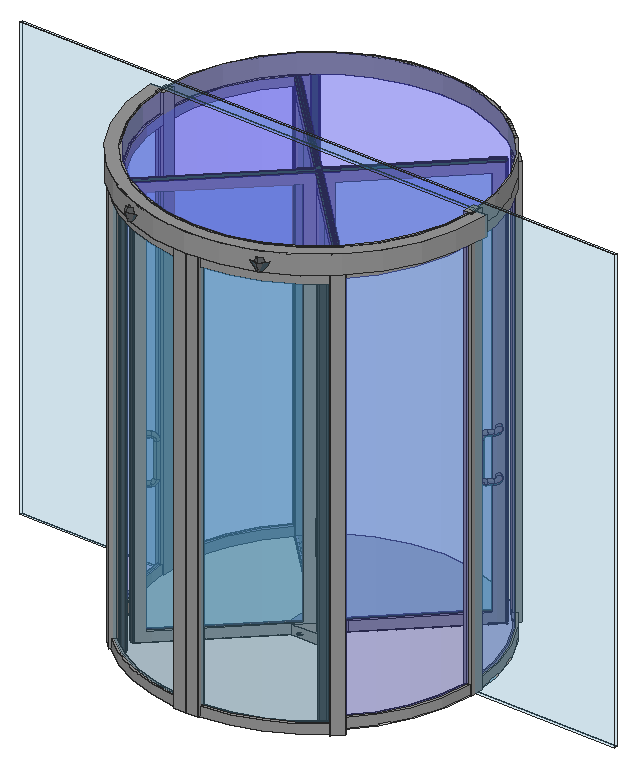
Revit family "Talos RDR-S01", category Türen, Revit 2016
Family settings
  OmniClass-Nummer = 23.30.10.00
  OmniClass-Titel = Doors
  Immer vertikal = Ja
  Beim Laden mit Abzugskörper schneiden = Nein
  Gemeinsam genutzt = Nein
  Raumberechnungspunkt = Nein
Parameters (values of type "RDR-S01 2000h")
  Youtube clip = ""
  Width = 2100.00 mm
  Weight = 0.00 kg
  Uniformat II Description = ""
  Uniformat II Code = ""
  Uniclass 2015 Name = ""
  Uniclass 2015 Code = ""
  Uniclass 2.0 Description = ""
  Uniclass 2.0 Code = ""
  Uniclass 1.4 Description = ""
  Uniclass 1.4 Code = ""
  URL = "http://www.kaba.com/physical-access-systems/en/solutions/92272/revolving-doors-and-circular-sliding-doors.html"
  UNSPSC Code = ""
  Type Comments = ""
  Type = "Talos RDR-S01"
  Technical description = "http://www.kaba.com/physical-access-systems/media/867246/v7/File/product-brochure-talos-rdr-and-csd.pdf"
  StandardUsed = "23"
  ShutOffDeviceInside = and(not(HasLockInside), HasIntegralShutOffDevice)  # no
  ShutOffDevice = and(not(HasLock), HasIntegralShutOffDevice)  # no
  SectionWidth = 4300.00 mm
  RubberMaterial = Zellkautschuk - EPDM
  RotationInterval 180 = yes
  RotationInterval 120 = not(RotationInterval 180)  # no
  Product certification = ""
  Product SKU = "Talos_RDR-S01"
  Product Guid = "c2597803-4e53-4645-9ceb-72f15c2d1ad1"
  OmniClass Description = ""
  OmniClass Code = ""
  Nominal width = 0
  Nominal height = 2230
  NBS Reference Description = ""
  NBS Reference Code = ""
  MotionSensorOutside = if(HasLock, DiameterCoverFront - 18.00 mm, Diameter)  # 1060.00 mm
  MotionSensorInside = if(HasLockInside, DiameterCoverFront - 18.00 mm, Diameter)  # 1122.00 mm
  Power = ""
  OuterDiameter = "2100 mm"
  OperatingWeight = 0.00 kg
  MotorDriveType = "-"
  Modell = "Talos RDR-E01"
  Material secondary = "Metal"
  Material main = "Glass"
  Masterformat 2014 Description = ""
  Masterformat 2014 Code = ""
  Manufacturer_2 = "Kaba GmbH"
  Manufacturer name = "DORMA"
  Manufacturer country = "Germany"
  Installation instructions = ""
  IFC Classification = ""
  Edition number = 1
  EAN code = ""
  Design country = "Germany"
  Konstruktionstyp = "Revolving Door"
  Hersteller = "Kaba GmbH"
  Height = ClearHeight + 130.00 mm  # 2930.00 mm
  HasShellTopFrame = yes
  HasMotionSensor = yes
  HasLockInside = yes
  HasLock = no
  HasIntegralShutOffDevice = no
  HasGrabHandles 180 = and(HasGrabHandles, RotationInterval 180)  # yes
  HasGrabHandles 120 = and(HasGrabHandles, RotationInterval 120)  # no
  HasGrabHandles = yes
  HasCover = yes
  HasConsoleS2 = no
  HasConsoleS1 = no
  HandlePosition = 35.00 mm  # constant formula
  HandleMaterial = PA6.6 Gf30(schwarz)
  Funktion = Außen
  FrameMaterial = 1.4401 - A4
  ExpectedLife = ""
  ElementWeight = 0.00 kg
  DoorWidth = AccessLengthOrRadius - 60.00 mm  # 970.00 mm
  Dicke = 63.00 mm
  DiameterNightLockGlassOutside = Diameter + 49.00 mm  # 1109.00 mm
  DiameterNightLockGlassInside = Diameter + 41.00 mm  # 1101.00 mm
  DiameterNightLockFrame = Diameter + 21.00 mm  # 1081.00 mm
  DiameterNightLockCover = Diameter + 60.00 mm  # 1120.00 mm
  DiameterNightLock = Diameter + 30.00 mm  # 1090.00 mm
  DiameterGlassInside = (Width / 2) - 10.00 mm  # 1040.00 mm
  DiameterGlassOutside = (Width / 2)  # 1050.00 mm
  DiameterCoverFront = Diameter + 80.00 mm  # 1140.00 mm
  Diameter = (Width / 2) + 10.00 mm  # 1060.00 mm
  CoverWidth = Height - ClearHeight  # 130.00 mm
  CoverMaterial = Glas
  ConsoleType = console : Type 4
  ConsoleS2 = if(HasLock, DiameterNightLockFrame + 48.00 mm, DiameterNightLockFrame)  # 1081.00 mm
  ConsoleS1 = if(HasLockInside, DiameterNightLockFrame + 48.00 mm, DiameterNightLockFrame)  # 1129.00 mm
  Colour = ""
  ClearHeight = 2800.00 mm
  COBIe Type Category = ""
  BaseType = ">= 60 mm"
  Analytische Konstruktion = "<Keine Auswahl>"
  AccessLengthOrRadius = Diameter - 30.00 mm  # 1030.00 mm
Reference planes
  plane 1 "Mitte (Vorne/Hinten)": y = 0
  plane 2: z = 0
  plane 3 "Mitte (Links/Rechts)": x = 0.023
  plane 4 "Section L": x = -2017.477
  plane 5 "Section R": x = 2017.523
  plane 6 "Oberkante": z = 3000
  plane 7: z = 2930
  plane 8 "access height": z = 2800
  plane 9: x = -1049.977
  plane 10: x = 1050.023
  plane 11 "180-4": through (-2115.474, 2115.497, 800) normal (0.7071, 0.7071, 0)
  plane 12 "180-1": through (2115.52, 2115.497, 800) normal (0.7071, -0.7071, 0)
  plane 13 "180-2": through (2115.52, -2115.497, 800) normal (-0.7071, -0.7071, 0)
  plane 14 "180-3": through (-2115.474, -2115.497, 800) normal (-0.7071, 0.7071, 0)
  plane 15 "120-1": through (260.773, 2980.38, 800) normal (0.9962, -0.0872, 0)
  plane 16 "120-2": through (2450.733, -1716.005, 800) normal (-0.5736, -0.8192, 0)
  plane 17 "120-3": through (-2711.436, -1264.374, 800) normal (-0.4226, 0.9063, 0)
Forms (mm)
  Extrusion 1, solid
    sketch origin (0, 0, 0) x (1, 0, 0) y (0, 0, 1)
      loop
        line (-2017.477, 0) -> (-1049.977, 0) -> (-1049.977, 2930) -> (1050.023, 2930) -> (1050.023, 0) -> (2017.523, 0) -> (2017.523, 3000) -> (-2017.477, 3000) -> (-2017.477, 0)
    from -12 to 12
  Extrusion 2, solid, material "Glas" <- "CoverMaterial"
    sketch origin (100, 0, 0) x (1, 0, 0) y (0, 1, 0)
      loop
        arc (-842.439, 742.462) -> (-1061.718, 421.372) -> (-1149.116, 42.5) r 1050
        line (-1149.116, 42.5) -> (-1139.108, 42.5)
        arc (-1139.108, 42.5) -> (-1052.477, 417.544) -> (-835.368, 735.391) r 1040
        line (-835.368, 735.391) -> (-842.439, 742.462)
      loop
        line (-842.439, -742.462) -> (-835.368, -735.391)
        arc (-835.368, -735.391) -> (-1052.477, -417.544) -> (-1139.108, -42.5) r 1040
        line (-1139.108, -42.5) -> (-1149.116, -42.5)
        arc (-1149.116, -42.5) -> (-1061.718, -421.372) -> (-842.439, -742.462) r 1050
    from 63 to 2800 <- "ClearHeight"
  Extrusion 3, solid, material "1.4401 - A4" <- "FrameMaterial", visible <- "RotationInterval 180"
    sketch origin (100, 0, 0) x (1, 0, 0) y (0, 1, 0)
      loop
        line (-220.977, -121) -> (21.023, -121) -> (21.023, 121) -> (-220.977, 121) -> (-220.977, -121)
    from 0 to 63
  Extrusion 4, solid, material "Glas"
    sketch origin (0, 0, 0) x (1, 0, 0) y (0, 1, 0)
      loop
        circle (0.023, 0) r 1060
    from 2800 <- "ClearHeight" to 2792
  Extrusion 5, solid, material "1.4401 - A4" <- "FrameMaterial", visible <- "RotationInterval 120"
    sketch origin (50.012, 86.583, 0) x (0.5, 0.866025, 0) y (-0.866025, 0.5, 0)
      loop
        line (82.191, 84.946) -> (-264.626, 115.289) -> (-117.495, -200.235) -> (82.191, 84.946)
    from 0 to 63
  Extrusion 6, solid, material "Glas" <- "CoverMaterial"
    sketch origin (265.046, 0, 0) x (-1, 0, 0) y (0, -1, 0)
      loop
        line (-477.439, -742.462) -> (-470.368, -735.391)
        arc (-470.368, -735.391) -> (-687.477, -417.544) -> (-774.108, -42.5) r 1040
        line (-774.108, -42.5) -> (-784.116, -42.5)
        arc (-784.116, -42.5) -> (-696.718, -421.372) -> (-477.439, -742.462) r 1050
      loop
        arc (-477.439, 742.462) -> (-696.718, 421.372) -> (-784.116, 42.5) r 1050
        line (-784.116, 42.5) -> (-774.108, 42.5)
        arc (-774.108, 42.5) -> (-687.477, 417.544) -> (-470.368, 735.391) r 1040
        line (-470.368, 735.391) -> (-477.439, 742.462)
    from 63 to 2800 <- "ClearHeight"
  Extrusion 7, solid
    sketch origin (28.5, -238.964, 0) x (1, 0, 0) y (0, 1, 0)
      loop
        line (-1098.477, 196.464) -> (-1049.977, 196.464) -> (-1049.977, 281.464) -> (-1098.477, 281.464) -> (-1098.477, 196.464)
    from 0 to 2930
  Extrusion 8, solid
    sketch origin (-182.5, 0, 0) x (1, 0, 0) y (0, 1, 0)
      loop
        line (-545.797, 728.32) -> (-567.01, 749.533)
        arc (-567.01, 749.533) -> (-788.459, 425.199) -> (-876.625, 42.5) r 1060
        line (-876.625, 42.5) -> (-846.6, 42.5)
        arc (-846.6, 42.5) -> (-760.736, 413.717) -> (-545.797, 728.32) r 1030
      loop
        line (-567.01, -749.533) -> (-545.797, -728.32)
        arc (-545.797, -728.32) -> (-761.735, -411.433) -> (-846.793, -37.52) r 1030
        line (-846.793, -37.52) -> (-876.813, -37.52)
        arc (-876.813, -37.52) -> (-789.456, -422.915) -> (-567.01, -749.533) r 1060
      loop
        line (910.843, -728.32) -> (932.056, -749.533)
        arc (932.056, -749.533) -> (1153.505, -425.199) -> (1241.671, -42.5) r 1060
        line (1241.671, -42.5) -> (1211.646, -42.5)
        arc (1211.646, -42.5) -> (1125.783, -413.717) -> (910.843, -728.32) r 1030
      loop
        line (932.056, 749.533) -> (910.843, 728.32)
        arc (910.843, 728.32) -> (1125.783, 413.717) -> (1211.646, 42.5) r 1030
        line (1211.646, 42.5) -> (1241.671, 42.5)
        arc (1241.671, 42.5) -> (1153.505, 425.199) -> (932.056, 749.533) r 1060
    from 0 to 63
  Extrusion 9, solid, visible <- "RotationInterval 180"
    sketch origin (0.012, 0.012, 0) x (-0.707107, 0.707107, 0) y (0, 0, 1)
      loop
        line (989.984, 2800) -> (19.984, 2800) -> (19.984, 0) -> (989.984, 0) -> (989.984, 2800)
      loop
        line (926.984, 2737) -> (82.984, 2737) -> (82.984, 63) -> (926.984, 63) -> (926.984, 2737)
    from -20 to 20
  Extrusion 10, solid, visible <- "RotationInterval 180"
    sketch origin (2115.52, -2115.497, 800) x (0.707107, -0.707107, 0) y (0, 0, 1)
      loop
        line (-2001.764, 2000) -> (-2971.764, 2000) -> (-2971.764, -800) -> (-2001.764, -800) -> (-2001.764, 2000)
      loop
        line (-2064.764, 1937) -> (-2908.764, 1937) -> (-2908.764, -737) -> (-2064.764, -737) -> (-2064.764, 1937)
    from -20 to 20
  Extrusion 11, solid, visible <- "RotationInterval 180"
    sketch origin (0.012, 0.012, 0) x (-0.707107, 0.707107, 0) y (0, 0, 1)
      loop
        line (926.984, 2737) -> (82.984, 2737) -> (82.984, 63) -> (926.984, 63) -> (926.984, 2737)
    from 3 to 10
  Extrusion 12, solid, visible <- "RotationInterval 180"
    sketch origin (0.012, 0.012, 0) x (-0.707107, 0.707107, 0) y (0, 0, 1)
      loop
        line (926.984, 2737) -> (82.984, 2737) -> (82.984, 63) -> (926.984, 63) -> (926.984, 2737)
    from -10 to -3
  Extrusion 13, solid, visible <- "RotationInterval 180"
    sketch origin (2115.52, -2115.497, 800) x (0.707107, -0.707107, 0) y (0, 0, 1)
      loop
        line (-2064.764, 1937) -> (-2908.764, 1937) -> (-2908.764, -737) -> (-2064.764, -737) -> (-2064.764, 1937)
    from 3 to 10
  Extrusion 14, solid, visible <- "RotationInterval 180"
    sketch origin (2115.52, -2115.497, 800) x (0.707107, -0.707107, 0) y (0, 0, 1)
      loop
        line (-2064.764, 1937) -> (-2908.764, 1937) -> (-2908.764, -737) -> (-2064.764, -737) -> (-2064.764, 1937)
    from -10 to -3
  Extrusion 15, solid, visible <- "RotationInterval 180"
    sketch origin (0.012, -0.012, 0) x (0.707107, 0.707107, 0) y (0, 0, 1)
      loop
        line (990.016, 2800) -> (20.016, 2800) -> (20.016, 0) -> (990.016, 0) -> (990.016, 2800)
      loop
        line (927.016, 2737) -> (83.016, 2737) -> (83.016, 63) -> (927.016, 63) -> (927.016, 2737)
    from -20 to 20
  Extrusion 16, solid, visible <- "RotationInterval 180"
    sketch origin (0.012, -0.012, 0) x (0.707107, 0.707107, 0) y (0, 0, 1)
      loop
        line (927.016, 2737) -> (83.016, 2737) -> (83.016, 63) -> (927.016, 63) -> (927.016, 2737)
    from 3 to 10
  Extrusion 17, solid, visible <- "RotationInterval 180"
    sketch origin (0.012, -0.012, 0) x (0.707107, 0.707107, 0) y (0, 0, 1)
      loop
        line (927.016, 2737) -> (83.016, 2737) -> (83.016, 63) -> (927.016, 63) -> (927.016, 2737)
    from -10 to -3
  Extrusion 18, solid, visible <- "RotationInterval 180"
    sketch origin (0.012, -0.012, 0) x (-0.707107, -0.707107, 0) y (0, 0, 1)
      loop
        line (989.984, 2800) -> (19.984, 2800) -> (19.984, 0) -> (989.984, 0) -> (989.984, 2800)
      loop
        line (926.984, 2737) -> (82.984, 2737) -> (82.984, 63) -> (926.984, 63) -> (926.984, 2737)
    from -20 to 20
  Extrusion 19, solid, visible <- "RotationInterval 180"
    sketch origin (0.012, -0.012, 0) x (-0.707107, -0.707107, 0) y (0, 0, 1)
      loop
        line (926.984, 2737) -> (82.984, 2737) -> (82.984, 63) -> (926.984, 63) -> (926.984, 2737)
    from 3 to 10
  Extrusion 20, solid, visible <- "RotationInterval 180"
    sketch origin (0.012, -0.012, 0) x (-0.707107, -0.707107, 0) y (0, 0, 1)
      loop
        line (926.984, 2737) -> (82.983, 2737) -> (82.983, 63) -> (926.984, 63) -> (926.984, 2737)
    from -10 to -3
  Extrusion 21, solid
    sketch origin (-28.454, -238.964, 0) x (-1, 0, 0) y (0, -1, 0)
      loop
        line (-1098.477, -196.464) -> (-1098.477, -281.464) -> (-1049.977, -281.464) -> (-1049.977, -196.464) -> (-1098.477, -196.464)
    from 0 to 2930
  Extrusion 22, solid
    sketch origin (-148.814, -189.109, 0) x (0.707107, -0.707107, 0) y (0.707107, 0.707107, 0)
      loop
        line (-1106.977, 218.964) -> (-1058.477, 218.964) -> (-1058.477, 303.964) -> (-1106.977, 303.964) -> (-1106.977, 218.964)
    from 0 to 2800
  Extrusion 23, solid
    sketch origin (148.86, -189.109, 0) x (-0.707107, -0.707107, 0) y (0.707107, -0.707107, 0)
      loop
        line (-1106.977, -218.964) -> (-1106.977, -303.964) -> (-1058.477, -303.964) -> (-1058.477, -218.964) -> (-1106.977, -218.964)
    from 0 to 2800
  Extrusion 24, solid
    sketch origin (-148.814, 189.109, 0) x (0.707107, 0.707107, 0) y (-0.707107, 0.707107, 0)
      loop
        line (-1106.977, -218.964) -> (-1106.977, -303.964) -> (-1058.477, -303.964) -> (-1058.477, -218.964) -> (-1106.977, -218.964)
    from 0 to 2800
  Extrusion 25, solid
    sketch origin (148.86, 189.109, 0) x (-0.707107, 0.707107, 0) y (-0.707107, -0.707107, 0)
      loop
        line (-1106.977, 218.964) -> (-1058.477, 218.964) -> (-1058.477, 303.964) -> (-1106.977, 303.964) -> (-1106.977, 218.964)
    from 0 to 2800
  Extrusion 26, solid, visible <- "RotationInterval 120"
    sketch origin (12.842, 146.516, 0) x (0.087156, 0.996195, 0) y (0, 0, 1)
      loop
        line (842.924, 2800) -> (-127.076, 2800) -> (-127.076, 0) -> (842.924, 0) -> (842.924, 2800)
      loop
        line (779.924, 2737) -> (-64.076, 2737) -> (-64.076, 63) -> (779.924, 63) -> (779.924, 2737)
    from -20 to 20
  Extrusion 27, solid, visible <- "RotationInterval 120"
    sketch origin (0.023, -0.002, 0) x (0.087156, 0.996195, 0) y (0, 0, 1)
      loop
        line (927.002, 2737) -> (83.002, 2737) -> (83.002, 63) -> (927.002, 63) -> (927.002, 2737)
    from 3 to 10
  Extrusion 28, solid, visible <- "RotationInterval 120"
    sketch origin (0.023, -0.002, 0) x (0.087156, 0.996195, 0) y (0, 0, 1)
      loop
        line (927.002, 2737) -> (83.002, 2737) -> (83.002, 63) -> (927.002, 63) -> (927.002, 2737)
    from -10 to -3
  Extrusion 29, solid, visible <- "RotationInterval 120"
    sketch origin (215.7, -151.019, 0) x (0.819152, -0.573576, 0) y (0, 0, 1)
      loop
        line (726.707, 2800) -> (-243.293, 2800) -> (-243.293, 0) -> (726.707, 0) -> (726.707, 2800)
      loop
        line (663.707, 2737) -> (-180.293, 2737) -> (-180.293, 63) -> (663.707, 63) -> (663.707, 2737)
    from -20 to 20
  Extrusion 30, solid, visible <- "RotationInterval 120"
    sketch origin (0.008, 0.011, 0) x (0.819152, -0.573576, 0) y (0, 0, 1)
      loop
        line (927.019, 2737) -> (83.019, 2737) -> (83.019, 63) -> (927.019, 63) -> (927.019, 2737)
    from 3 to 10
  Extrusion 31, solid, visible <- "RotationInterval 120"
    sketch origin (0.008, 0.011, 0) x (0.819152, -0.573576, 0) y (0, 0, 1)
      loop
        line (927.019, 2737) -> (83.019, 2737) -> (83.019, 63) -> (927.019, 63) -> (927.019, 2737)
    from -10 to -3
  Extrusion 32, solid, visible <- "RotationInterval 120"
    sketch origin (-256.764, -119.742, 0) x (-0.906308, -0.422618, 0) y (0, 0, 1)
      loop
        line (706.667, 2800) -> (-263.333, 2800) -> (-263.333, 0) -> (706.667, 0) -> (706.667, 2800)
      loop
        line (643.667, 2737) -> (-200.333, 2737) -> (-200.333, 63) -> (643.667, 63) -> (643.667, 2737)
    from -20 to 20
  Extrusion 33, solid, visible <- "RotationInterval 120"
    sketch origin (0.004, -0.009, 0) x (-0.906308, -0.422618, 0) y (0, 0, 1)
      loop
        line (926.979, 2737) -> (82.979, 2737) -> (82.979, 63) -> (926.979, 63) -> (926.979, 2737)
    from 3 to 10
  Extrusion 34, solid, visible <- "RotationInterval 120"
    sketch origin (0.004, -0.009, 0) x (-0.906308, -0.422618, 0) y (0, 0, 1)
      loop
        line (926.979, 2737) -> (82.979, 2737) -> (82.979, 63) -> (926.979, 63) -> (926.979, 2737)
    from -10 to -3
  Extrusion 35, solid, visible <- "HasLock"
    sketch origin (0, 0, 0) x (1, 0, 0) y (0, 1, 0)
      loop
        line (1060.023, 0) -> (1140.023, 0)
        arc (1140.023, 0) -> (0.023, 1140) -> (-1139.977, 0) r 1140
        line (-1139.977, 0) -> (-1059.977, 0)
        arc (-1059.977, 0) -> (0.023, 1060) -> (1060.023, 0) r 1060
    from 2800 to 2930
  Sweep 36, solid, visible <- "RotationInterval 180"
    path in 3D
      loop
        line (0.023, -28.284, 2800) -> (-685.87, -714.178, 2800) -> (-685.87, -714.178, 0) -> (0.023, -28.284, 0)
    profile "brush profile : brush profile" origin (-342.924, -371.231, 2800) x (0.707107, -0.707107, 0) y (0, 0, 1)
      loop
        arc (-2.734, 0) -> (-0.471, 1.408) -> (-0.734, 4.06) r 2.523
        line (-0.734, 4.06) -> (-11.23, 14.434)
        arc (-11.23, 14.434) -> (-11.95, 14.806) -> (-12.751, 14.931) r 2.53
        line (-12.751, 14.931) -> (-15.672, 14.914)
        arc (-15.672, 14.914) -> (-16.987, 14.367) -> (-17.598, 13.081) r 1.987
        line (-17.598, 13.081) -> (-18.301, 4) -> (-21.699, 4) -> (-22.402, 13.081)
        arc (-22.402, 13.081) -> (-23.013, 14.367) -> (-24.328, 14.914) r 1.987
        line (-24.328, 14.914) -> (-27.249, 14.931)
        arc (-27.249, 14.931) -> (-28.05, 14.806) -> (-28.77, 14.434) r 2.53
        line (-28.77, 14.434) -> (-39.266, 4.06)
        arc (-39.266, 4.06) -> (-39.529, 1.408) -> (-37.266, 0) r 2.523
        line (-37.266, 0) -> (-2.734, 0)
  Sweep 37, solid, visible <- "RotationInterval 180"
    path in 3D
      loop
        line (0.023, -28.284, 0) -> (685.917, -714.178, 0) -> (685.917, -714.178, 2800) -> (0.023, -28.284, 2800)
    profile "brush profile : brush profile" origin (342.97, -371.231, 2800) x (-0.707107, -0.707107, 0) y (0, 0, 1)
      loop
        arc (-2.734, 0) -> (-0.471, 1.408) -> (-0.734, 4.06) r 2.523
        line (-0.734, 4.06) -> (-11.23, 14.434)
        arc (-11.23, 14.434) -> (-11.95, 14.806) -> (-12.751, 14.931) r 2.53
        line (-12.751, 14.931) -> (-15.672, 14.914)
        arc (-15.672, 14.914) -> (-16.987, 14.367) -> (-17.598, 13.081) r 1.987
        line (-17.598, 13.081) -> (-18.301, 4) -> (-21.699, 4) -> (-22.402, 13.081)
        arc (-22.402, 13.081) -> (-23.013, 14.367) -> (-24.328, 14.914) r 1.987
        line (-24.328, 14.914) -> (-27.249, 14.931)
        arc (-27.249, 14.931) -> (-28.05, 14.806) -> (-28.77, 14.434) r 2.53
        line (-28.77, 14.434) -> (-39.266, 4.06)
        arc (-39.266, 4.06) -> (-39.529, 1.408) -> (-37.266, 0) r 2.523
        line (-37.266, 0) -> (-2.734, 0)
  Sweep 38, solid, visible <- "RotationInterval 120"
    path in 3D
      loop
        line (27.878, 4.912, 2800) -> (822.455, -551.458, 2800) -> (822.455, -551.458, 0) -> (27.878, 4.912, 0)
    profile "brush profile : brush profile" origin (425.166, -273.273, 2800) x (0.573576, 0.819152, 0) y (0, 0, 1)
      loop
        arc (-2.734, 0) -> (-0.471, 1.408) -> (-0.734, 4.06) r 2.523
        line (-0.734, 4.06) -> (-11.23, 14.434)
        arc (-11.23, 14.434) -> (-11.95, 14.806) -> (-12.751, 14.931) r 2.53
        line (-12.751, 14.931) -> (-15.672, 14.914)
        arc (-15.672, 14.914) -> (-16.987, 14.367) -> (-17.598, 13.081) r 1.987
        line (-17.598, 13.081) -> (-18.301, 4) -> (-21.699, 4) -> (-22.402, 13.081)
        arc (-22.402, 13.081) -> (-23.013, 14.367) -> (-24.328, 14.914) r 1.987
        line (-24.328, 14.914) -> (-27.249, 14.931)
        arc (-27.249, 14.931) -> (-28.05, 14.806) -> (-28.77, 14.434) r 2.53
        line (-28.77, 14.434) -> (-39.266, 4.06)
        arc (-39.266, 4.06) -> (-39.529, 1.408) -> (-37.266, 0) r 2.523
        line (-37.266, 0) -> (-2.734, 0)
  Sweep 39, solid, visible <- "RotationInterval 180"
    path in 3D
      loop
        line (28.307, 0, 0) -> (714.201, 685.894, 0) -> (714.201, 685.894, 2800) -> (28.307, 0, 2800)
    profile "brush profile : brush profile" origin (371.254, 342.947, 2800) x (0.707107, -0.707107, 0) y (0, 0, 1)
      loop
        arc (-2.734, 0) -> (-0.471, 1.408) -> (-0.734, 4.06) r 2.523
        line (-0.734, 4.06) -> (-11.23, 14.434)
        arc (-11.23, 14.434) -> (-11.95, 14.806) -> (-12.751, 14.931) r 2.53
        line (-12.751, 14.931) -> (-15.672, 14.914)
        arc (-15.672, 14.914) -> (-16.987, 14.367) -> (-17.598, 13.081) r 1.987
        line (-17.598, 13.081) -> (-18.301, 4) -> (-21.699, 4) -> (-22.402, 13.081)
        arc (-22.402, 13.081) -> (-23.013, 14.367) -> (-24.328, 14.914) r 1.987
        line (-24.328, 14.914) -> (-27.249, 14.931)
        arc (-27.249, 14.931) -> (-28.05, 14.806) -> (-28.77, 14.434) r 2.53
        line (-28.77, 14.434) -> (-39.266, 4.06)
        arc (-39.266, 4.06) -> (-39.529, 1.408) -> (-37.266, 0) r 2.523
        line (-37.266, 0) -> (-2.734, 0)
  Sweep 40, solid, visible <- "RotationInterval 120"
    path in 3D
      loop
        line (21.69, 18.181, 0) -> (106.231, 984.49, 0) -> (106.231, 984.49, 2800) -> (21.69, 18.181, 2800)
    profile "brush profile : brush profile" origin (63.961, 501.335, 2800) x (0.996195, -0.087156, 0) y (0, 0, 1)
      loop
        arc (-2.734, 0) -> (-0.471, 1.408) -> (-0.734, 4.06) r 2.523
        line (-0.734, 4.06) -> (-11.23, 14.434)
        arc (-11.23, 14.434) -> (-11.95, 14.806) -> (-12.751, 14.931) r 2.53
        line (-12.751, 14.931) -> (-15.672, 14.914)
        arc (-15.672, 14.914) -> (-16.987, 14.367) -> (-17.598, 13.081) r 1.987
        line (-17.598, 13.081) -> (-18.301, 4) -> (-21.699, 4) -> (-22.402, 13.081)
        arc (-22.402, 13.081) -> (-23.013, 14.367) -> (-24.328, 14.914) r 1.987
        line (-24.328, 14.914) -> (-27.249, 14.931)
        arc (-27.249, 14.931) -> (-28.05, 14.806) -> (-28.77, 14.434) r 2.53
        line (-28.77, 14.434) -> (-39.266, 4.06)
        arc (-39.266, 4.06) -> (-39.529, 1.408) -> (-37.266, 0) r 2.523
        line (-37.266, 0) -> (-2.734, 0)
  Sweep 41, solid, visible <- "RotationInterval 180"
    path in 3D
      loop
        line (0.023, 28.284, 0) -> (-685.87, 714.178, 0) -> (-685.87, 714.178, 2800) -> (0.023, 28.284, 2800)
    profile "brush profile : brush profile" origin (-342.924, 371.231, 2800) x (0.707107, 0.707107, 0) y (0, 0, 1)
      loop
        arc (-2.734, 0) -> (-0.471, 1.408) -> (-0.734, 4.06) r 2.523
        line (-0.734, 4.06) -> (-11.23, 14.434)
        arc (-11.23, 14.434) -> (-11.95, 14.806) -> (-12.751, 14.931) r 2.53
        line (-12.751, 14.931) -> (-15.672, 14.914)
        arc (-15.672, 14.914) -> (-16.987, 14.367) -> (-17.598, 13.081) r 1.987
        line (-17.598, 13.081) -> (-18.301, 4) -> (-21.699, 4) -> (-22.402, 13.081)
        arc (-22.402, 13.081) -> (-23.013, 14.367) -> (-24.328, 14.914) r 1.987
        line (-24.328, 14.914) -> (-27.249, 14.931)
        arc (-27.249, 14.931) -> (-28.05, 14.806) -> (-28.77, 14.434) r 2.53
        line (-28.77, 14.434) -> (-39.266, 4.06)
        arc (-39.266, 4.06) -> (-39.529, 1.408) -> (-37.266, 0) r 2.523
        line (-37.266, 0) -> (-2.734, 0)
  Sweep 42, solid, visible <- "RotationInterval 120"
    path in 3D
      loop
        line (-26.555, 9.674, 0) -> (-905.674, -400.266, 0) -> (-905.674, -400.266, 2800) -> (-26.555, 9.674, 2800)
    profile "brush profile : brush profile" origin (-466.115, -195.296, 2800) x (-0.422618, 0.906308, 0) y (0, 0, 1)
      loop
        arc (-2.734, 0) -> (-0.471, 1.408) -> (-0.734, 4.06) r 2.523
        line (-0.734, 4.06) -> (-11.23, 14.434)
        arc (-11.23, 14.434) -> (-11.95, 14.806) -> (-12.751, 14.931) r 2.53
        line (-12.751, 14.931) -> (-15.672, 14.914)
        arc (-15.672, 14.914) -> (-16.987, 14.367) -> (-17.598, 13.081) r 1.987
        line (-17.598, 13.081) -> (-18.301, 4) -> (-21.699, 4) -> (-22.402, 13.081)
        arc (-22.402, 13.081) -> (-23.013, 14.367) -> (-24.328, 14.914) r 1.987
        line (-24.328, 14.914) -> (-27.249, 14.931)
        arc (-27.249, 14.931) -> (-28.05, 14.806) -> (-28.77, 14.434) r 2.53
        line (-28.77, 14.434) -> (-39.266, 4.06)
        arc (-39.266, 4.06) -> (-39.529, 1.408) -> (-37.266, 0) r 2.523
        line (-37.266, 0) -> (-2.734, 0)
  Extrusion 43, solid, material "PVC-Hart"
    sketch origin (0, 0, 0) x (1, 0, 0) y (0, 1, 0)
      loop
        circle (0.023, 0) r 1060
    from -8 to 1
  Extrusion 44, solid, visible <- "HasLockInside"
    sketch origin (0, 0, 0) x (1, 0, 0) y (0, 1, 0)
      loop
        arc (1060.023, 0) -> (0.023, -1060) -> (-1059.977, 0) r 1060
        line (-1059.977, 0) -> (-1139.977, 0)
        arc (-1139.977, 0) -> (0.023, -1140) -> (1140.023, 0) r 1140
        line (1140.023, 0) -> (1060.023, 0)
    from 2800 to 2930
  Extrusion 45, solid, visible <- "HasLockInside"
    sketch origin (238.987, 28.477, 0) x (0, 1, 0) y (-1, 0, 0)
      loop
        arc (-1157.977, 240.764) -> (-1157.45, 239.491) -> (-1156.177, 238.964) r 1.8
        line (-1156.177, 238.964) -> (-1111.477, 238.964)
        arc (-1111.477, 238.964) -> (-1110.063, 239.55) -> (-1109.477, 240.964) r 2
        line (-1109.477, 240.964) -> (-1109.477, 321.964)
        arc (-1109.477, 321.964) -> (-1110.063, 323.378) -> (-1111.477, 323.964) r 2
        line (-1111.477, 323.964) -> (-1156.177, 323.964)
        arc (-1156.177, 323.964) -> (-1157.45, 323.437) -> (-1157.977, 322.164) r 1.8
        line (-1157.977, 322.164) -> (-1157.977, 240.764)
    from 0 to 2800
  Extrusion 46, solid, visible <- "HasLockInside"
    sketch origin (-238.941, 28.477, 0) x (0, 1, 0) y (-1, 0, 0)
      loop
        line (-1157.977, -240.964) -> (-1157.977, -321.964)
        arc (-1157.977, -321.964) -> (-1157.391, -323.378) -> (-1155.977, -323.964) r 2
        line (-1155.977, -323.964) -> (-1111.477, -323.964)
        arc (-1111.477, -323.964) -> (-1110.063, -323.378) -> (-1109.477, -321.964) r 2
        line (-1109.477, -321.964) -> (-1109.477, -240.964)
        arc (-1109.477, -240.964) -> (-1110.063, -239.55) -> (-1111.477, -238.964) r 2
        line (-1111.477, -238.964) -> (-1155.977, -238.964)
        arc (-1155.977, -238.964) -> (-1157.391, -239.55) -> (-1157.977, -240.964) r 2
    from 0 to 2800
  Extrusion 47, solid, visible <- "HasLockInside"
    sketch origin (219.184, -178.889, 0) x (0.707107, 0.707107, 0) y (-0.707107, 0.707107, 0)
      loop
        arc (-1157.977, 218.464) -> (-1157.391, 217.05) -> (-1155.977, 216.464) r 2
        line (-1155.977, 216.464) -> (-1111.477, 216.464)
        arc (-1111.477, 216.464) -> (-1110.063, 217.05) -> (-1109.477, 218.464) r 2
        line (-1109.477, 218.464) -> (-1109.477, 299.464)
        arc (-1109.477, 299.464) -> (-1110.063, 300.878) -> (-1111.477, 301.464) r 2
        line (-1111.477, 301.464) -> (-1155.977, 301.464)
        arc (-1155.977, 301.464) -> (-1157.391, 300.878) -> (-1157.977, 299.464) r 2
        line (-1157.977, 299.464) -> (-1157.977, 218.464)
    from 0 to 2800
  Extrusion 48, solid, visible <- "HasLockInside"
    sketch origin (-219.138, -178.889, 0) x (-0.707107, 0.707107, 0) y (-0.707107, -0.707107, 0)
      loop
        line (-1157.977, -218.464) -> (-1157.977, -299.464)
        arc (-1157.977, -299.464) -> (-1157.391, -300.878) -> (-1155.977, -301.464) r 2
        line (-1155.977, -301.464) -> (-1111.477, -301.464)
        arc (-1111.477, -301.464) -> (-1110.063, -300.878) -> (-1109.477, -299.464) r 2
        line (-1109.477, -299.464) -> (-1109.477, -218.464)
        arc (-1109.477, -218.464) -> (-1110.063, -217.049) -> (-1111.477, -216.464) r 2
        line (-1111.477, -216.464) -> (-1155.977, -216.464)
        arc (-1155.977, -216.464) -> (-1157.391, -217.049) -> (-1157.977, -218.464) r 2
    from 0 to 2800
  Extrusion 49, solid, visible <- "HasLockInside"
    sketch origin (0, 0, 0) x (1, 0, 0) y (0, 1, 0)
      loop
        line (-723.39, -815.337) -> (-744.64, -836.587)
        arc (-744.64, -836.587) -> (-437.825, -1030.868) -> (-84.977, -1116.77) r 1120
        line (-84.977, -1116.77) -> (-84.977, -1086.681)
        arc (-84.977, -1086.681) -> (-426.345, -1003.15) -> (-723.39, -815.337) r 1090
    from 0 to 63
  Extrusion 50, solid, visible <- "HasLockInside"
    sketch origin (0, 0, 0) x (1, 0, 0) y (0, 1, 0)
      loop
        arc (-84.977, -1097.714) -> (-430.554, -1013.313) -> (-731.182, -823.129) r 1101
        line (-731.182, -823.129) -> (-736.848, -828.795)
        arc (-736.848, -828.795) -> (-433.615, -1020.705) -> (-84.977, -1105.738) r 1109
        line (-84.977, -1105.738) -> (-84.977, -1097.714)
    from 63 to 2737
  Extrusion 51, solid, visible <- "HasLockInside"
    sketch origin (0.046, 0, 0) x (-1, 0, 0) y (0, -1, 0)
      loop
        line (-84.977, 1097.714) -> (-84.977, 1105.738)
        arc (-84.977, 1105.738) -> (-433.615, 1020.705) -> (-736.848, 828.796) r 1109
        line (-736.848, 828.796) -> (-731.181, 823.129)
        arc (-731.181, 823.129) -> (-430.554, 1013.314) -> (-84.977, 1097.714) r 1101
    from 63 to 2737
  Extrusion 52, solid, visible <- "HasLockInside"
    sketch origin (0, 0, 0) x (1, 0, 0) y (0, 1, 0)
      loop
        line (85.023, -1086.681) -> (85.023, -1116.77)
        arc (85.023, -1116.77) -> (437.871, -1030.868) -> (744.686, -836.587) r 1120
        line (744.686, -836.587) -> (723.435, -815.337)
        arc (723.435, -815.337) -> (426.391, -1003.15) -> (85.023, -1086.681) r 1090
    from 0 to 63
  Extrusion 53, solid, visible <- "HasLockInside"
    sketch origin (0, 0, 0) x (1, 0, 0) y (0, 1, 0)
      loop
        line (85.023, -1086.681) -> (85.023, -1116.77)
        arc (85.023, -1116.77) -> (437.871, -1030.868) -> (744.686, -836.587) r 1120
        line (744.686, -836.587) -> (723.435, -815.337)
        arc (723.435, -815.337) -> (426.391, -1003.15) -> (85.023, -1086.681) r 1090
      loop
        arc (-744.64, -836.587) -> (-437.825, -1030.868) -> (-84.977, -1116.77) r 1120
        line (-84.977, -1116.77) -> (-84.977, -1086.681)
        arc (-84.977, -1086.681) -> (-426.345, -1003.15) -> (-723.39, -815.337) r 1090
        line (-723.39, -815.337) -> (-744.64, -836.587)
    from 2737 to 2800
  Extrusion 54, solid, visible <- "HasLock"
    sketch origin (238.987, -28.477, 0) x (0, -1, 0) y (1, 0, 0)
      loop
        line (-1157.977, -240.764) -> (-1157.977, -322.164)
        arc (-1157.977, -322.164) -> (-1157.45, -323.437) -> (-1156.177, -323.964) r 1.8
        line (-1156.177, -323.964) -> (-1111.477, -323.964)
        arc (-1111.477, -323.964) -> (-1110.063, -323.378) -> (-1109.477, -321.964) r 2
        line (-1109.477, -321.964) -> (-1109.477, -240.964)
        arc (-1109.477, -240.964) -> (-1110.063, -239.55) -> (-1111.477, -238.964) r 2
        line (-1111.477, -238.964) -> (-1156.177, -238.964)
        arc (-1156.177, -238.964) -> (-1157.45, -239.491) -> (-1157.977, -240.764) r 1.8
    from 0 to 2800
  Extrusion 55, solid, visible <- "HasLock"
    sketch origin (-238.941, -28.477, 0) x (0, -1, 0) y (1, 0, 0)
      loop
        arc (-1157.977, 240.964) -> (-1157.391, 239.55) -> (-1155.977, 238.964) r 2
        line (-1155.977, 238.964) -> (-1111.477, 238.964)
        arc (-1111.477, 238.964) -> (-1110.063, 239.55) -> (-1109.477, 240.964) r 2
        line (-1109.477, 240.964) -> (-1109.477, 321.964)
        arc (-1109.477, 321.964) -> (-1110.063, 323.379) -> (-1111.477, 323.964) r 2
        line (-1111.477, 323.964) -> (-1155.977, 323.964)
        arc (-1155.977, 323.964) -> (-1157.391, 323.379) -> (-1157.977, 321.964) r 2
        line (-1157.977, 321.964) -> (-1157.977, 240.964)
    from 0 to 2800
  Extrusion 56, solid, visible <- "HasLock"
    sketch origin (219.184, 178.889, 0) x (0.707107, -0.707107, 0) y (0.707107, 0.707107, 0)
      loop
        line (-1157.977, -218.464) -> (-1157.977, -299.464)
        arc (-1157.977, -299.464) -> (-1157.391, -300.879) -> (-1155.977, -301.464) r 2
        line (-1155.977, -301.464) -> (-1111.477, -301.464)
        arc (-1111.477, -301.464) -> (-1110.063, -300.879) -> (-1109.477, -299.464) r 2
        line (-1109.477, -299.464) -> (-1109.477, -218.464)
        arc (-1109.477, -218.464) -> (-1110.063, -217.05) -> (-1111.477, -216.464) r 2
        line (-1111.477, -216.464) -> (-1155.977, -216.464)
        arc (-1155.977, -216.464) -> (-1157.391, -217.05) -> (-1157.977, -218.464) r 2
    from 0 to 2800
  Extrusion 57, solid, visible <- "HasLock"
    sketch origin (-219.138, 178.889, 0) x (-0.707107, -0.707107, 0) y (0.707107, -0.707107, 0)
      loop
        arc (-1157.977, 218.464) -> (-1157.391, 217.05) -> (-1155.977, 216.464) r 2
        line (-1155.977, 216.464) -> (-1111.477, 216.464)
        arc (-1111.477, 216.464) -> (-1110.063, 217.05) -> (-1109.477, 218.464) r 2
        line (-1109.477, 218.464) -> (-1109.477, 299.464)
        arc (-1109.477, 299.464) -> (-1110.063, 300.878) -> (-1111.477, 301.464) r 2
        line (-1111.477, 301.464) -> (-1155.977, 301.464)
        arc (-1155.977, 301.464) -> (-1157.391, 300.878) -> (-1157.977, 299.464) r 2
        line (-1157.977, 299.464) -> (-1157.977, 218.464)
    from 0 to 2800
  Extrusion 58, solid, visible <- "HasLock"
    sketch origin (0, 0, 0) x (1, 0, 0) y (0, 1, 0)
      loop
        line (-84.977, 1097.714) -> (-84.977, 1105.738)
        arc (-84.977, 1105.738) -> (-433.616, 1020.705) -> (-736.848, 828.795) r 1109
        line (-736.848, 828.795) -> (-731.182, 823.128)
        arc (-731.182, 823.128) -> (-430.554, 1013.313) -> (-84.977, 1097.714) r 1101
    from 63 to 2737
  Extrusion 59, solid, visible <- "HasLock"
    sketch origin (0.046, 0, 0) x (-1, 0, 0) y (0, -1, 0)
      loop
        arc (-84.977, -1097.714) -> (-430.554, -1013.313) -> (-731.182, -823.129) r 1101
        line (-731.182, -823.129) -> (-736.848, -828.795)
        arc (-736.848, -828.795) -> (-433.615, -1020.705) -> (-84.977, -1105.738) r 1109
        line (-84.977, -1105.738) -> (-84.977, -1097.714)
    from 63 to 2737
  Extrusion 60, solid, visible <- "HasLock"
    sketch origin (0, 0, 0) x (1, 0, 0) y (0, 1, 0)
      loop
        arc (-84.977, 1116.77) -> (-437.825, 1030.868) -> (-744.64, 836.587) r 1120
        line (-744.64, 836.587) -> (-723.39, 815.337)
        arc (-723.39, 815.337) -> (-426.345, 1003.15) -> (-84.977, 1086.681) r 1090
        line (-84.977, 1086.681) -> (-84.977, 1116.77)
      loop
        line (723.436, 815.337) -> (744.686, 836.587)
        arc (744.686, 836.587) -> (437.871, 1030.868) -> (85.023, 1116.77) r 1120
        line (85.023, 1116.77) -> (85.023, 1086.681)
        arc (85.023, 1086.681) -> (426.391, 1003.15) -> (723.436, 815.337) r 1090
    from 0 to 63
  Extrusion 61, solid, visible <- "HasLock"
    sketch origin (0, 0, 0) x (1, 0, 0) y (0, 1, 0)
      loop
        arc (-84.977, 1116.77) -> (-437.825, 1030.868) -> (-744.64, 836.587) r 1120
        line (-744.64, 836.587) -> (-723.39, 815.337)
        arc (-723.39, 815.337) -> (-426.345, 1003.15) -> (-84.977, 1086.681) r 1090
        line (-84.977, 1086.681) -> (-84.977, 1116.77)
      loop
        line (723.436, 815.337) -> (744.686, 836.587)
        arc (744.686, 836.587) -> (437.871, 1030.868) -> (85.023, 1116.77) r 1120
        line (85.023, 1116.77) -> (85.023, 1086.681)
        arc (85.023, 1086.681) -> (426.391, 1003.15) -> (723.436, 815.337) r 1090
    from 2737 to 2800
  Extrusion 62, solid, visible <- "HasShellTopFrame"
    sketch origin (0, 0, 0) x (1, 0, 0) y (0, 1, 0)
      loop
        arc (-728.297, -728.32) -> (-1029.977, 0) -> (-728.297, 728.32) r 1030
        line (-728.297, 728.32) -> (-749.51, 749.533)
        arc (-749.51, 749.533) -> (-1059.977, 0) -> (-749.51, -749.533) r 1060
        line (-749.51, -749.533) -> (-728.297, -728.32)
      loop
        arc (728.343, 728.32) -> (1030.023, 0) -> (728.343, -728.32) r 1030
        line (728.343, -728.32) -> (749.556, -749.533)
        arc (749.556, -749.533) -> (1060.023, 0) -> (749.556, 749.533) r 1060
        line (749.556, 749.533) -> (728.343, 728.32)
    from 2737 to 2800
  Extrusion 63, solid, material "Glas"
    sketch origin (0, 0, 0) x (1, 0, 0) y (0, 1, 0)
      loop
        circle (0.023, 0) r 1060
    from 2922 to 2930
  Extrusion 64, solid, material "1.4401 - A4"
    sketch origin (0, 0, 0) x (1, 0, 0) y (0, 1, 0)
      loop
        circle (0.023, 0) r 1050
      loop
        circle (0.023, 0) r 1060
    from 2800 to 2930
Lines and regions (mm)
  reference lines
    curve 1: circle (0.023, 0, 0) r 1030 normal (0, 0, 1)
    curve 2: circle (0.023, 0, 0) r 1060 normal (0, 0, 1)
    curve 3: circle (0.023, 0, 0) r 1090 normal (0, 0, 1)
    curve 4: circle (0.023, 0, 0) r 1120 normal (0, 0, 1)
    curve 5: line (0.023, 0, 0) -> (-2023.689, 2023.712, 0)
    curve 6: line (0.023, 0, 0) -> (2023.735, 2023.712, 0)
    curve 7: line (0.023, 0, 0) -> (2023.735, -2023.712, 0)
    curve 8: line (0.023, 0, 0) -> (-2023.689, -2023.712, 0)
    curve 9: line (0.023, 0, 0) -> (120.964, 1382.363, 0)
    curve 31: line (-3.463, -39.848, 0) -> (36.275, 16.905, 0)
    curve 32: line (36.275, 16.905, 0) -> (-32.743, 22.943, 0)
    curve 33: line (-32.743, 22.943, 0) -> (-3.463, -39.848, 0)
  sketch lines
    curve 10: line (0.023, -28.284, 2800) -> (-685.87, -714.178, 2800)
    curve 11: line (-685.87, -714.178, 2800) -> (-685.87, -714.178, 0)
    curve 12: line (-685.87, -714.178, 0) -> (0.023, -28.284, 0)
    curve 13: line (685.917, -714.178, 2800) -> (0.023, -28.284, 2800)
    curve 14: line (685.917, -714.178, 0) -> (685.917, -714.178, 2800)
    curve 15: line (0.023, -28.284, 0) -> (685.917, -714.178, 0)
    curve 16: line (27.878, 4.912, 2800) -> (822.455, -551.458, 2800)
    curve 17: line (822.455, -551.458, 2800) -> (822.455, -551.458, 0)
    curve 18: line (822.455, -551.458, 0) -> (27.878, 4.912, 0)
    curve 19: line (714.201, 685.894, 2800) -> (28.307, 0, 2800)
    curve 20: line (714.201, 685.894, 0) -> (714.201, 685.894, 2800)
    curve 21: line (28.307, 0, 0) -> (714.201, 685.894, 0)
    curve 22: line (106.231, 984.49, 2800) -> (21.69, 18.181, 2800)
    curve 23: line (106.231, 984.49, 0) -> (106.231, 984.49, 2800)
    curve 24: line (21.69, 18.181, 0) -> (106.231, 984.49, 0)
    curve 25: line (-685.87, 714.178, 2800) -> (0.023, 28.284, 2800)
    curve 26: line (-685.87, 714.178, 0) -> (-685.87, 714.178, 2800)
    curve 27: line (0.023, 28.284, 0) -> (-685.87, 714.178, 0)
    curve 28: line (-905.674, -400.266, 2800) -> (-26.555, 9.674, 2800)
    curve 29: line (-905.674, -400.266, 0) -> (-905.674, -400.266, 2800)
    curve 30: line (-26.555, 9.674, 0) -> (-905.674, -400.266, 0)
Text (mm)
  text "Außen" at (-1061.5, 797.241, 0), in view "Referenzebene"
Dimensions and locks
  plane 4 "Section L" to plane 5 "Section R" = 4035.00 mm
  "ClearHeight": plane 8 "access height" to plane 2
  "CoverWidth": plane 7 to plane 8 "access height"
  plane 7 to plane 8 "access height" = 130.00 mm
  Extrusion 3 sketch curve to Extrusion 3 sketch curve = 242.00 mm  (x2)
  equal spacing: Extrusion 3 sketch curve, plane 1 "Mitte (Vorne/Hinten)", Extrusion 3 sketch curve
  equal spacing: Extrusion 3 sketch curve, plane 3 "Mitte (Links/Rechts)", Extrusion 3 sketch curve
  equal spacing: plane 4 "Section L", plane 3 "Mitte (Links/Rechts)", plane 5 "Section R"
  locked: Extrusion 7 sketch curve to Extrusion 7 sketch curve at 85
  locked: Extrusion 7 sketch curve to Extrusion 7 sketch curve at 48.5
  "Width": plane 9 to plane 10
  equal spacing: plane 9, plane 3 "Mitte (Links/Rechts)", plane 10
  Extrusion 7 to plane 1 "Mitte (Vorne/Hinten)" = 42.50 mm
  locked: Extrusion 7 to plane 9 at 20
  Extrusion 9 sketch curve to curve 8 = 20.00 mm
  "DoorWidth": Extrusion 9 sketch curve to Extrusion 9 sketch curve
  locked: Extrusion 9 sketch curve to Extrusion 9 sketch curve at 63  (x4)
  "DoorWidth": Extrusion 10 sketch curve to Extrusion 10 sketch curve
  locked: Extrusion 10 sketch curve to Extrusion 10 sketch curve at 63  (x4)
  "DoorWidth": Extrusion 15 sketch curve to Extrusion 15 sketch curve
  locked: Extrusion 15 sketch curve to Extrusion 15 sketch curve at 63  (x4)
  "DoorWidth": Extrusion 18 sketch curve to Extrusion 18 sketch curve
  locked: Extrusion 18 sketch curve to Extrusion 18 sketch curve at 63  (x4)
  locked: Extrusion 21 sketch curve to Extrusion 21 sketch curve at 85
  locked: Extrusion 21 sketch curve to Extrusion 21 sketch curve at 48.5
  locked: Extrusion 22 sketch curve to Extrusion 22 sketch curve at 85
  locked: Extrusion 22 sketch curve to Extrusion 22 sketch curve at 48.5
  plane 11 "180-4" to Extrusion 22 sketch curve = 20.00 mm
  "AccessLengthOrRadius": Extrusion 22 sketch curve to plane 14 "180-3"
  plane 14 "180-3" to Extrusion 10 sketch curve = 20.00 mm
  plane 13 "180-2" to Extrusion 15 sketch curve = 20.00 mm
  Extrusion 18 sketch curve to plane 13 "180-2" = 20.00 mm
  locked: Extrusion 23 sketch curve to Extrusion 23 sketch curve at 85
  locked: Extrusion 23 sketch curve to Extrusion 23 sketch curve at 48.5
  Extrusion 23 sketch curve to plane 12 "180-1" = 20.00 mm
  "AccessLengthOrRadius": plane 11 "180-4" to Extrusion 23 sketch curve
  locked: Extrusion 24 sketch curve to Extrusion 24 sketch curve at 85
  locked: Extrusion 24 sketch curve to Extrusion 24 sketch curve at 48.5
  locked: Extrusion 25 sketch curve to Extrusion 25 sketch curve at 85
  locked: Extrusion 25 sketch curve to Extrusion 25 sketch curve at 48.5
  Extrusion 24 sketch curve to plane 14 "180-3" = 20.00 mm
  "AccessLengthOrRadius": plane 13 "180-2" to Extrusion 24 sketch curve
  "AccessLengthOrRadius": Extrusion 25 sketch curve to plane 13 "180-2"
  plane 13 "180-2" to Extrusion 25 sketch curve = 20.00 mm
  "DoorWidth": Extrusion 26 sketch curve to Extrusion 26 sketch curve
  locked: Extrusion 26 sketch curve to Extrusion 26 sketch curve at 63  (x4)
  locked: Extrusion 22 to nested 1 at 24.25
  "DoorWidth": Extrusion 29 sketch curve to Extrusion 29 sketch curve
  locked: Extrusion 29 sketch curve to Extrusion 29 sketch curve at 63  (x4)
  "DoorWidth": Extrusion 32 sketch curve to Extrusion 32 sketch curve
  locked: Extrusion 32 sketch curve to Extrusion 32 sketch curve at 63  (x4)
  locked: nested 2 to Extrusion 23 at 24.25
  locked: nested 3 to Extrusion 24 at 24.25
  locked: Extrusion 25 to nested 4 at 24.25
  locked: Extrusion 9 to nested 5 at 32.878
  locked: Extrusion 26 to nested 6 at 32.878
  locked: Extrusion 15 to nested 11 at 32.878
  locked: Extrusion 10 to nested 8 at 32.878
  equal spacing: Extrusion 18, nested 9, Extrusion 20
  locked: Extrusion 45 sketch curve to Extrusion 45 sketch curve at 85
  locked: Extrusion 45 sketch curve to Extrusion 45 sketch curve at 48.5
  "DiameterNightLockFrame": Extrusion 45 sketch curve to plane 16 "120-2"
  locked: Extrusion 46 sketch curve to Extrusion 46 sketch curve at 85
  locked: Extrusion 46 sketch curve to Extrusion 46 sketch curve at 48.5
  "DiameterNightLockFrame": Extrusion 46 sketch curve to plane 15 "120-1"
  locked: Extrusion 47 sketch curve to Extrusion 47 sketch curve at 85
  locked: Extrusion 47 sketch curve to Extrusion 47 sketch curve at 48.5
  "DiameterNightLockFrame": Extrusion 47 sketch curve to plane 16 "120-2"
  locked: Extrusion 48 sketch curve to Extrusion 48 sketch curve at 85
  locked: Extrusion 48 sketch curve to Extrusion 48 sketch curve at 48.5
  "DiameterNightLockFrame": plane 15 "120-1" to Extrusion 48 sketch curve
  locked: Extrusion 54 sketch curve to Extrusion 54 sketch curve at 85
  locked: Extrusion 54 sketch curve to Extrusion 54 sketch curve at 48.5
  locked: Extrusion 55 sketch curve to Extrusion 55 sketch curve at 85
  locked: Extrusion 55 sketch curve to Extrusion 55 sketch curve at 48.5
  locked: Extrusion 56 sketch curve to Extrusion 56 sketch curve at 85
  locked: Extrusion 56 sketch curve to Extrusion 56 sketch curve at 48.5
  locked: Extrusion 57 sketch curve to Extrusion 57 sketch curve at 85
  locked: Extrusion 57 sketch curve to Extrusion 57 sketch curve at 48.5
  "DiameterNightLockFrame": plane 16 "120-2" to Extrusion 56 sketch curve
  "DiameterNightLockFrame": plane 16 "120-2" to Extrusion 54 sketch curve
  "DiameterNightLockFrame": Extrusion 55 sketch curve to plane 17 "120-3"
  "DiameterNightLockFrame": Extrusion 57 sketch curve to plane 17 "120-3"
  "ConsoleS1": nested 12 to plane 16 "120-2"
  "ConsoleS2": nested 13 to plane 16 "120-2"
  Extrusion 1 to Extrusion 7 = 20.00 mm
  "ConsoleS2": plane 16 "120-2" to nested 14
  "MotionSensorInside": nested 17 to plane 15 "120-1"
  "MotionSensorInside": nested 16 to plane 15 "120-1"
  "MotionSensorOutside": plane 17 "120-3" to nested 18
  "MotionSensorOutside": plane 16 "120-2" to nested 19
  equal spacing: plane 8 "access height", nested 18, plane 7
  equal spacing: plane 8 "access height", nested 19, plane 7
  "ConsoleS1": nested 15 to plane 16 "120-2"
  equal spacing: Extrusion 29, nested 7, Extrusion 29
  equal spacing: Extrusion 32, nested 10, Extrusion 32
  locked: Extrusion 4 to plane 8 "access height" at 8
  locked: Extrusion 63 to plane 7 at 8
  Extrusion 1 to plane 6 "Oberkante" = 3000.00 mm
  "DiameterGlassOutside": radius of Extrusion 2 sketch curve  (x2)
  "DiameterGlassInside": radius of Extrusion 2 sketch curve  (x2)
  "DiameterGlassOutside": radius of Extrusion 6 sketch curve  (x2)
  "DiameterGlassInside": radius of Extrusion 6 sketch curve  (x2)
  "AccessLengthOrRadius": radius of curve 1
  "Diameter": radius of curve 2
  "DiameterNightLock": radius of curve 3
  "DiameterNightLockCover": radius of curve 4
  "Diameter": radius of Extrusion 4 sketch curve
  "DiameterCoverFront": radius of Extrusion 35 sketch curve
  "Diameter": radius of Extrusion 35 sketch curve
  "DiameterCoverFront": radius of Extrusion 44 sketch curve
  "Diameter": radius of Extrusion 44 sketch curve
  "DiameterNightLockGlassInside": radius of Extrusion 50 sketch curve
  "DiameterNightLockGlassOutside": radius of Extrusion 50 sketch curve
  "DiameterNightLockGlassInside": radius of Extrusion 51 sketch curve
  "DiameterNightLockGlassOutside": radius of Extrusion 51 sketch curve
  "DiameterNightLockGlassInside": radius of Extrusion 58 sketch curve
  "DiameterNightLockGlassOutside": radius of Extrusion 58 sketch curve
  "DiameterNightLockGlassInside": radius of Extrusion 59 sketch curve
  "DiameterNightLockGlassOutside": radius of Extrusion 59 sketch curve
  "Diameter": radius of Extrusion 63 sketch curve
  locked: plane 3 "Mitte (Links/Rechts)" to nested 16 (angle 22.50°)
  locked: nested 17 to plane 3 "Mitte (Links/Rechts)" (angle 22.50°)
  locked: nested 18 to plane 3 "Mitte (Links/Rechts)" (angle 22.50°)
  locked: plane 3 "Mitte (Links/Rechts)" to nested 19 (angle 22.50°)
  aligned and locked: level to plane 2
  aligned and locked: Extrusion 1 to plane 4 "Section L"
  aligned and locked: Extrusion 1 to plane 6 "Oberkante"
  aligned and locked: Extrusion 1 to plane 5 "Section R"
  aligned and locked: Extrusion 1 to level  (x2)
  aligned and locked: plane 9 to Extrusion 1
  aligned and locked: Extrusion 1 to plane 10
  aligned and locked: plane 14 "180-3" to curve 8
  aligned and locked: plane 8 "access height" to Extrusion 9 sketch curve
  aligned and locked: curve 7 to Extrusion 9 sketch curve
  aligned and locked: Extrusion 11 sketch curve to Extrusion 9  (x3)
  aligned and locked: Extrusion 12 to Extrusion 9
  aligned and locked: Extrusion 13 to Extrusion 10
  aligned and locked: Extrusion 13 to Extrusion 9
  aligned and locked: Extrusion 14 to Extrusion 10
  aligned and locked: Extrusion 14 to Extrusion 9
  aligned and locked: Extrusion 8 sketch curve to curve 2  (x4)
  aligned and locked: Extrusion 8 sketch curve to curve 1  (x4)
  aligned and locked: Extrusion 8 sketch curve to plane 11 "180-4"
  aligned and locked: Extrusion 8 sketch curve to plane 14 "180-3"
  aligned and locked: Extrusion 8 sketch curve to plane 13 "180-2"
  aligned and locked: Extrusion 8 sketch curve to plane 12 "180-1"
  aligned and locked: Extrusion 6 sketch curve to plane 12 "180-1"
  aligned and locked: Extrusion 6 sketch curve to plane 13 "180-2"
  aligned and locked: Extrusion 2 sketch curve to plane 11 "180-4"
  aligned and locked: Extrusion 2 sketch curve to plane 14 "180-3"
  aligned and locked: Extrusion 17 to Extrusion 15  (x2)
  aligned and locked: Extrusion 16 to Extrusion 15  (x2)
  aligned and locked: Extrusion 19 to Extrusion 18  (x2)
  aligned and locked: Extrusion 20 to Extrusion 18
  aligned and locked: Extrusion 12 sketch curve to Extrusion 9
  aligned and locked: Extrusion 13 sketch curve to Extrusion 10
  aligned and locked: Extrusion 14 sketch curve to Extrusion 10
  aligned and locked: plane 15 "120-1" to curve 9
  aligned and locked: Extrusion 27 sketch curve to Extrusion 26  (x3)
  aligned and locked: Extrusion 28 to Extrusion 26
  aligned and locked: Extrusion 28 sketch curve to Extrusion 26
  aligned and locked: nested 1 to Extrusion 22
  aligned and locked: Extrusion 27 to Extrusion 26
  aligned and locked: Extrusion 30 sketch curve to Extrusion 29  (x3)
  aligned and locked: Extrusion 29 to Extrusion 31
  aligned and locked: Extrusion 31 sketch curve to Extrusion 29
  aligned and locked: Extrusion 29 to Extrusion 30
  aligned and locked: Extrusion 33 sketch curve to Extrusion 32  (x3)
  aligned and locked: Extrusion 34 to Extrusion 32
  aligned and locked: Extrusion 34 sketch curve to Extrusion 32
  aligned and locked: Extrusion 33 to Extrusion 32
  aligned and locked: Extrusion 24 to nested 3
  aligned and locked: nested 4 to Extrusion 25
  aligned and locked: nested 3 to plane 8 "access height"
  aligned and locked: nested 2 to plane 8 "access height"
  aligned and locked: plane 8 "access height" to nested 1
  aligned and locked: plane 8 "access height" to nested 4
  aligned and locked: Extrusion 35 to plane 8 "access height"
  aligned and locked: plane 7 to Extrusion 35
  aligned and locked: Extrusion 7 to Extrusion 2 sketch curve  (x2)
  aligned and locked: Extrusion 21 to Extrusion 6 sketch curve  (x2)
  aligned and locked: Extrusion 43 sketch curve to curve 2
  aligned and locked: plane 7 to Extrusion 44
  aligned and locked: Extrusion 44 to plane 8 "access height"
  aligned and locked: Extrusion 49 sketch curve to curve 4
  aligned and locked: Extrusion 49 sketch curve to curve 3
  aligned and locked: Extrusion 45 to Extrusion 49 sketch curve
  aligned and locked: Extrusion 47 to Extrusion 49 sketch curve
  aligned and locked: Extrusion 45 to Extrusion 50 sketch curve
  aligned and locked: Extrusion 47 to Extrusion 50 sketch curve
  aligned and locked: Extrusion 52 sketch curve to curve 3
  aligned and locked: Extrusion 52 sketch curve to curve 4
  aligned and locked: Extrusion 46 to Extrusion 52 sketch curve
  aligned and locked: Extrusion 52 sketch curve to Extrusion 48
  aligned and locked: Extrusion 51 sketch curve to Extrusion 48
  aligned and locked: Extrusion 48 to Extrusion 53 sketch curve
  aligned and locked: Extrusion 53 sketch curve to curve 4  (x2)
  aligned and locked: Extrusion 53 sketch curve to curve 3  (x2)
  aligned and locked: Extrusion 47 to Extrusion 53 sketch curve
  aligned and locked: Extrusion 45 to Extrusion 53 sketch curve
  aligned and locked: Extrusion 46 to Extrusion 53 sketch curve
  aligned and locked: plane 8 "access height" to Extrusion 53
  aligned and locked: Extrusion 53 to Extrusion 9
  aligned and locked: Extrusion 50 to Extrusion 9
  aligned and locked: Extrusion 51 to Extrusion 9
  aligned and locked: Extrusion 58 sketch curve to Extrusion 54
  aligned and locked: Extrusion 58 sketch curve to Extrusion 56
  aligned and locked: Extrusion 57 to Extrusion 59 sketch curve
  aligned and locked: plane 8 "access height" to Extrusion 61
  aligned and locked: Extrusion 60 sketch curve to curve 4  (x2)
  aligned and locked: Extrusion 60 sketch curve to curve 3  (x2)
  aligned and locked: Extrusion 56 to Extrusion 60 sketch curve
  aligned and locked: Extrusion 54 to Extrusion 60 sketch curve
  aligned and locked: Extrusion 55 to Extrusion 60 sketch curve
  aligned and locked: Extrusion 57 to Extrusion 60 sketch curve
  aligned and locked: Extrusion 61 sketch curve to curve 4  (x2)
  aligned and locked: Extrusion 61 sketch curve to curve 3  (x2)
  aligned and locked: Extrusion 56 to Extrusion 61 sketch curve
  aligned and locked: Extrusion 54 to Extrusion 61 sketch curve
  aligned and locked: Extrusion 55 to Extrusion 61 sketch curve
  aligned and locked: Extrusion 57 to Extrusion 61 sketch curve
  aligned and locked: Extrusion 61 to Extrusion 9
  aligned and locked: nested 4 to nested 12
  aligned and locked: Extrusion 22 to nested 13
  aligned and locked: Extrusion 62 sketch curve to Extrusion 8  (x4)
  aligned and locked: Extrusion 62 sketch curve to plane 11 "180-4"
  aligned and locked: Extrusion 62 sketch curve to plane 14 "180-3"
  aligned and locked: Extrusion 62 sketch curve to plane 13 "180-2"
  aligned and locked: Extrusion 62 sketch curve to plane 12 "180-1"
  aligned and locked: Extrusion 62 to Extrusion 9
  aligned and locked: plane 8 "access height" to Extrusion 62
  aligned and locked: Extrusion 58 to Extrusion 9
  aligned and locked: Extrusion 9 to Extrusion 59
  aligned and locked: plane 8 "access height" to Extrusion 54
  aligned and locked: plane 8 "access height" to Extrusion 55
  aligned and locked: plane 8 "access height" to Extrusion 56
  aligned and locked: plane 8 "access height" to Extrusion 47
  aligned and locked: plane 8 "access height" to Extrusion 22
  aligned and locked: plane 8 "access height" to Extrusion 23
  aligned and locked: plane 8 "access height" to Extrusion 57
  aligned and locked: plane 8 "access height" to Extrusion 25
  aligned and locked: plane 8 "access height" to Extrusion 24
  aligned and locked: plane 8 "access height" to Extrusion 45
  aligned and locked: plane 8 "access height" to Extrusion 46
  aligned and locked: plane 8 "access height" to Extrusion 48
  aligned and locked: plane 7 to Extrusion 21
  aligned and locked: plane 7 to Extrusion 7
  aligned and locked: nested 16 to nested 18
  aligned and locked: nested 17 to nested 19
  aligned and locked: Extrusion 7 to Extrusion 8 sketch curve
  aligned and locked: Extrusion 21 to Extrusion 8 sketch curve  (x2)
  aligned and locked: Extrusion 32 to curve 33
  aligned and locked: Extrusion 26 to curve 32
  aligned and locked: Extrusion 29 to curve 31
  aligned and locked: Extrusion 1 to plane 7
  aligned and locked: plane 7 to Extrusion 63
  aligned and locked: plane 7 to Extrusion 64
  aligned and locked: Extrusion 64 to plane 8 "access height"
  aligned and locked: Extrusion 64 sketch curve to Extrusion 2
  aligned and locked: Extrusion 64 sketch curve to Extrusion 35
Automatic sketch dimensions
  Extrusion 1 sketch curve to level = 0.00 mm  (x2)
  plane 4 "Section L" to Extrusion 1 sketch curve = 0.00 mm
  Extrusion 1 sketch curve to plane 9 = 0.00 mm
  plane 7 to Extrusion 1 sketch curve = 0.00 mm
  Extrusion 1 sketch curve to plane 10 = 0.00 mm
  plane 5 "Section R" to Extrusion 1 sketch curve = 0.00 mm
  Extrusion 1 sketch curve to plane 6 "Oberkante" = 0.00 mm
  plane 11 "180-4" to Extrusion 3 sketch curve = 0.00 mm
  Extrusion 5 sketch curve to plane 17 "120-3" = 0.00 mm
  plane 16 "120-2" to Extrusion 5 sketch curve = 0.00 mm
  Extrusion 5 sketch curve to plane 12 "180-1" = 68.746 mm
  Extrusion 5 sketch curve to Extrusion 5 sketch curve = 147.131 mm
  Extrusion 5 sketch curve to Extrusion 5 sketch curve = 199.686 mm
  Extrusion 5 sketch curve to Extrusion 5 sketch curve = 285.181 mm
  Extrusion 7 sketch curve to plane 9 = 20.00 mm
  plane 1 "Mitte (Vorne/Hinten)" to Extrusion 7 sketch curve = 42.50 mm
  Extrusion 11 sketch curve to plane 12 "180-1" = 83.00 mm
  level to Extrusion 12 sketch curve = 63.00 mm
  Extrusion 12 sketch curve to Extrusion 12 sketch curve = 844.00 mm
  Extrusion 12 sketch curve to plane 8 "access height" = 63.00 mm
  level to Extrusion 13 sketch curve = 63.00 mm
  Extrusion 13 sketch curve to Extrusion 13 sketch curve = 844.00 mm
  Extrusion 13 sketch curve to plane 8 "access height" = 63.00 mm
  level to Extrusion 14 sketch curve = 63.00 mm
  Extrusion 14 sketch curve to Extrusion 14 sketch curve = 844.00 mm
  Extrusion 14 sketch curve to plane 8 "access height" = 63.00 mm
  plane 11 "180-4" to Extrusion 16 sketch curve = 83.00 mm
  level to Extrusion 16 sketch curve = 63.00 mm
  Extrusion 16 sketch curve to Extrusion 16 sketch curve = 844.00 mm
  Extrusion 16 sketch curve to plane 8 "access height" = 63.00 mm
  plane 11 "180-4" to Extrusion 17 sketch curve = 83.00 mm
  level to Extrusion 17 sketch curve = 63.00 mm
  Extrusion 17 sketch curve to Extrusion 17 sketch curve = 844.00 mm
  Extrusion 17 sketch curve to plane 8 "access height" = 63.00 mm
  Extrusion 19 sketch curve to plane 11 "180-4" = 83.00 mm
  level to Extrusion 19 sketch curve = 63.00 mm
